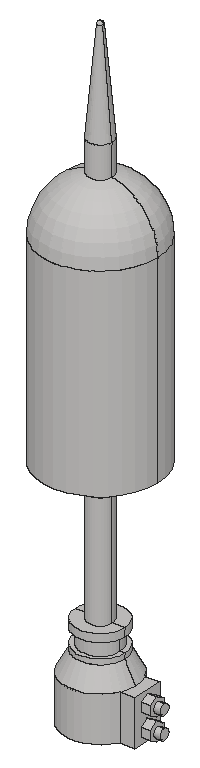
Revit family "FA_АктивныйМолниеприемник_FOREND EU-M_91888-1_EZETEK", category Системы пожарной сигнализации, Revit 2017
Family settings
  Сохранять ориентацию аннотаций = Нет
  Размер круглого соединителя = Использовать радиус
  Тип детали = Нормальный
  На основе рабочей плоскости = Нет
  Всегда вертикально = Да
  При загрузке вырезать с полостями = Нет
  Общий = Да
  Точка расчета площади = Нет
Parameters (values of type "АктивныйМолниеприемник_FOREND EU-M_91888-1")
  Производитель_Контакты = "ezetek@ezetek.ru"  # constant formula
  Описание = "Активный молниеприемник FOREND EU-M состоит из корпуса, генератора ионов и соединительной муфты. Корпус из нержавеющей стали обеспечивает надежную защиту молниеприемника от коррозии на срок не менее 25 лет. Генератор ионов размещен внутри корпуса в дополнительном кожухе для обеспечения герметичности. Во время грозы генератор вырабатывает статические заряды, которые поддерживают ионизацию воздуха вокруг молниеприемника и создают благоприятные условия для начала формирования встречного лидера молнии. Соединительная муфта применяется для подключения токоотвода к активному молниеприемнику и заземляющему устройству.\r\n\r\nМолниеприемник и все металлические объекты на кровле должны быть соединены с заземляющим устройством. Модульно-штыревое заземление для активной молниезащиты просто в исполнении - нет необходимости монтировать контур заземления вокруг здания. Степень защиты молниеприемника – IP 65, диапазон рабочих температур - от -40 °С до +120 °С. Радиус зоны защиты активного молниеприемника FOREND EU-M зависит от высоты установки молниеприемника и категории молниезащиты объекта."  # constant formula
  Использовать масштаб аннотаций [instance] = 1 = 0  # 0
  Изготовитель = "Ezetek"  # constant formula
  Группа модели = "Активная молниезащита"  # constant formula
  URL = "https://ezetek.ru/"
  ADSK_Этаж [instance] = ""
  ADSK_Примечание [instance] = ""
  ADSK_Позиция [instance] = ""
  ADSK_Обозначение = "91888-1"
  ADSK_Наименование краткое [instance] = "Активный молниеприемник"
  ADSK_Наименование = "Активный молниеприемник FOREND EU-M"
  ADSK_Материал = BIMLIB_Сталь_Нержавеющая_EZETEK
  ADSK_Масса_Текст = "3.20"  # constant formula
  ADSK_Масса = 3.2  # constant formula
  ADSK_Марка = "91888-1"
  ADSK_Количество = 1  # constant formula
  ADSK_Код изделия = "91888-1"
  ADSK_Завод-изготовитель = "Ezetek"  # constant formula
  ADSK_Единица измерения = "шт."  # constant formula
  ADSK_Группирование [instance] = ""
  ADSK_Версия Revit = "2017"  # constant formula
Reference planes
  plane 1 "По центру (Вперед/Назад)": y = 0
  plane 2: z = 0
  plane 3 "По центру (Влево/Вправо)": x = 0
  plane 4: z = 630
  plane 5: y = 173.437
  plane 6: y = -173.437
  plane 7: x = -57.656
  plane 8: x = 57.656
  plane 9: z = 235
  plane 10: z = 495
  plane 11: x = -12
  plane 12: x = 12
Forms (mm)
  Extrusion 1, solid, material "BIMLIB_Сталь_Нержавеющая_EZETEK" <- "ADSK_Материал", detail levels medium+fine
    sketch origin (-92.936, -28.771, 15.368) x (0, 0, -1) y (0, 1, 0)
      loop
        line (-23.033, 36.753) -> (-27.641, 28.771) -> (-23.033, 20.789) -> (-13.816, 20.789) -> (-9.208, 28.771) -> (-13.816, 36.753) -> (-23.033, 36.753)
    from 140 to 150
  Extrusion 2, solid, material "BIMLIB_Сталь_Нержавеющая_EZETEK" <- "ADSK_Материал", detail levels medium+fine
    sketch origin (-69.936, 0, 33.793) x (0, 0, -1) y (0, 1, 0)
      loop
        circle (0, 0) r 5
    from 134.209 to 127
  Revolve 3, solid, material "BIMLIB_Сталь_Нержавеющая_EZETEK" <- "ADSK_Материал", detail levels medium+fine
    sketch origin (0, 0, 0) x (1, 0, 0) y (0, 0, 1)
      loop
        line (0, 93.334) -> (-25, 93.334) -> (-25, 85.705) -> (-20, 85.705) -> (-20, 70.705) -> (-25, 70.705) -> (-25, 65.705) -> (-35.799, 45.395) -> (-35.799, 0) -> (0, 0) -> (0, 93.334)
      axis (0, 93.334) -> (0, 0)
    angle from 0 to 360
  Extrusion 4, solid, material "BIMLIB_Сталь_Нержавеющая_EZETEK" <- "ADSK_Материал", detail levels medium+fine
    sketch origin (0, 0, 0) x (1, 0, 0) y (0, 1, 0)
      loop
        circle (0, 0) r 12
    from 210.047 to 93.334
  Extrusion 5, solid, material "BIMLIB_Сталь_Нержавеющая_EZETEK" <- "ADSK_Материал", detail levels medium+fine
    sketch origin (0, 0, 0) x (1, 0, 0) y (0, 1, 0)
      loop
        circle (0, 0) r 15
    from 235 to 210.047
  Revolve 6, solid, material "BIMLIB_Сталь_Нержавеющая_EZETEK" <- "ADSK_Материал", detail levels medium+fine
    sketch origin (0, 0, 0) x (1, 0, 0) y (0, 0, 1)
      loop
        line (0, 235) -> (0, 495)
        arc (0, 495) -> (-40.769, 478.113) -> (-57.656, 437.344) r 57.656
        line (-57.656, 437.344) -> (-57.656, 235) -> (0, 235)
      axis (0, 495) -> (0, 235)
    angle from 0 to 360
  Revolve 7, solid, material "BIMLIB_Сталь_Нержавеющая_EZETEK" <- "ADSK_Материал", detail levels medium+fine
    sketch origin (0, 0, 0) x (1, 0, 0) y (0, 0, 1)
      loop
        arc (0, 630) -> (-1.75, 629.275) -> (-2.475, 627.525) r 2.475
        line (-2.475, 627.525) -> (-12, 524.998) -> (-12, 493.437) -> (0, 493.437) -> (0, 630)
      axis (0, 630) -> (0, 493.437)
    angle from 0 to 360
  Extrusion 8, solid, material "BIMLIB_Сталь_Нержавеющая_EZETEK" <- "ADSK_Материал", detail levels medium+fine
    sketch origin (0, 0, 0) x (1, 0, 0) y (0, 1, 0)
      loop
        line (32.064, 15.92) -> (32.064, -15.92) -> (47.064, -15.92) -> (47.064, 15.92) -> (32.064, 15.92)
    from 45.395 to 0
  Extrusion 9, solid, material "BIMLIB_Сталь_Нержавеющая_EZETEK" <- "ADSK_Материал", detail levels medium+fine
    sketch origin (-92.936, -28.771, 29.992) x (0, 0, 1) y (0, -1, 0)
      loop
        line (-23.033, -36.753) -> (-13.816, -36.753) -> (-9.208, -28.771) -> (-13.816, -20.789) -> (-23.033, -20.789) -> (-27.641, -28.771) -> (-23.033, -36.753)
    from 140 to 150
  Extrusion 10, solid, material "BIMLIB_Сталь_Нержавеющая_EZETEK" <- "ADSK_Материал", detail levels medium+fine
    sketch origin (-69.936, 0, 11.567) x (0, 0, 1) y (0, -1, 0)
      loop
        circle (0, 0) r 5
    from 134.209 to 127
Cuts and joins
  joined: Revolve 6, Revolve 7
  joined: Revolve 3, Extrusion 8
Dimensions and locks
  equal spacing: plane 7, plane 3 "По центру (Влево/Вправо)", plane 8
  equal spacing: plane 6, plane 1 "По центру (Вперед/Назад)", plane 5
  locked: plane 5 to plane 6 at 346.875
  plane 7 to plane 8 = 115.312 mm
  locked: plane 4 to plane 2 at 630
  equal spacing: plane 8, plane 3 "По центру (Влево/Вправо)", plane 7
  locked: plane 8 to plane 7 at 115.312
  plane 4 to plane 10 to plane 9 to plane 2 = 135 mm locked, 260 mm locked, 235 mm locked
  equal spacing: plane 12, plane 3 "По центру (Влево/Вправо)", plane 11
  locked: plane 12 to plane 11 at 24
  equal spacing: Extrusion 8 sketch curve, plane 1 "По центру (Вперед/Назад)", Extrusion 8 sketch curve
  locked: Extrusion 8 sketch curve to Extrusion 8 sketch curve at 31.841
  aligned and locked: level to plane 2
  aligned and locked: plane 2 to Revolve 3 sketch curve
  aligned and locked: plane 3 "По центру (Влево/Вправо)" to Revolve 3 sketch curve
  aligned and locked: Revolve 3 sketch curve to plane 3 "По центру (Влево/Вправо)"
  aligned and locked: Revolve 3 to Extrusion 4
  aligned and locked: plane 9 to Extrusion 5
  aligned and locked: Extrusion 5 to Extrusion 4
  aligned and locked: plane 10 to Revolve 6 sketch curve
  aligned and locked: Revolve 6 sketch curve to Extrusion 5
  aligned and locked: Revolve 6 sketch curve to plane 3 "По центру (Влево/Вправо)"
  aligned and locked: plane 3 "По центру (Влево/Вправо)" to Revolve 6 sketch curve
  aligned and locked: Revolve 6 sketch curve to plane 7
  aligned and locked: plane 9 to Revolve 6 sketch curve
  aligned and locked: plane 4 to Revolve 7 sketch curve
  aligned and locked: Revolve 7 sketch curve to plane 3 "По центру (Влево/Вправо)"
  aligned and locked: Revolve 7 sketch curve to Revolve 7 sketch curve
  aligned and locked: Extrusion 8 to Revolve 3
  aligned and locked: Extrusion 8 to plane 2
Automatic sketch dimensions
  Extrusion 1 sketch curve to plane 1 "По центру (Вперед/Назад)" = 0 mm  (x2)
  level to Extrusion 1 sketch curve = 43.009 mm
  Extrusion 1 sketch curve to plane 1 "По центру (Вперед/Назад)" = 7.982 mm
  Extrusion 1 sketch curve to Extrusion 1 sketch curve = 4.608 mm  (x3)
  plane 1 "По центру (Вперед/Назад)" to Extrusion 1 sketch curve = 7.982 mm
  Extrusion 1 sketch curve to Extrusion 1 sketch curve = 9.217 mm  (x2)
  Extrusion 2 sketch curve to plane 1 "По центру (Вперед/Назад)" = 0 mm
  level to Extrusion 2 sketch curve = 33.793 mm
  Revolve 3 sketch curve to level = 0 mm
  Revolve 3 sketch curve to plane 11 = 8 mm
  Revolve 3 sketch curve to Revolve 3 sketch curve = 5 mm  (x3)
  plane 7 to Revolve 3 sketch curve = 21.857 mm
  level to Revolve 3 sketch curve = 45.395 mm
  Revolve 3 sketch curve to Revolve 3 sketch curve = 20.31 mm
  Revolve 3 sketch curve to Revolve 3 sketch curve = 15 mm
  Revolve 3 sketch curve to Revolve 3 sketch curve = 7.629 mm
  Revolve 3 sketch curve to Revolve 3 sketch curve = 0 mm
  plane 1 "По центру (Вперед/Назад)" to Extrusion 4 sketch curve = 0 mm
  Extrusion 4 sketch curve to plane 3 "По центру (Влево/Вправо)" = 0 mm
  plane 1 "По центру (Вперед/Назад)" to Extrusion 5 sketch curve = 0 mm
  Extrusion 5 sketch curve to plane 3 "По центру (Влево/Вправо)" = 0 mm
  Revolve 6 sketch curve to plane 10 = 0 mm
  Revolve 7 sketch curve to plane 11 = 0 mm
  Revolve 7 sketch curve to plane 10 = 0 mm
  Revolve 7 sketch curve to plane 4 = 0 mm
  Revolve 7 sketch curve to plane 3 "По центру (Влево/Вправо)" = 2.475 mm
  Revolve 7 sketch curve to plane 10 = 1.563 mm
  plane 10 to Revolve 7 sketch curve = 29.998 mm
  Extrusion 8 sketch curve to plane 12 = 20.064 mm
  plane 8 to Extrusion 8 sketch curve = 10.592 mm
  Extrusion 9 sketch curve to plane 1 "По центру (Вперед/Назад)" = 0 mm  (x2)
  level to Extrusion 9 sketch curve = 2.35 mm
  level to Extrusion 9 sketch curve = 6.959 mm  (x2)
  plane 1 "По центру (Вперед/Назад)" to Extrusion 9 sketch curve = 7.982 mm
  Extrusion 9 sketch curve to Extrusion 9 sketch curve = 9.217 mm  (x2)
  Extrusion 9 sketch curve to Extrusion 9 sketch curve = 4.608 mm
  Extrusion 9 sketch curve to plane 1 "По центру (Вперед/Назад)" = 7.982 mm
  Extrusion 10 sketch curve to plane 1 "По центру (Вперед/Назад)" = 0 mm
  level to Extrusion 10 sketch curve = 11.567 mm
  radius of Extrusion 2 sketch curve = 5 mm
  radius of Extrusion 4 sketch curve = 12 mm
  radius of Extrusion 5 sketch curve = 15 mm
  radius of Extrusion 10 sketch curve = 5 mm
